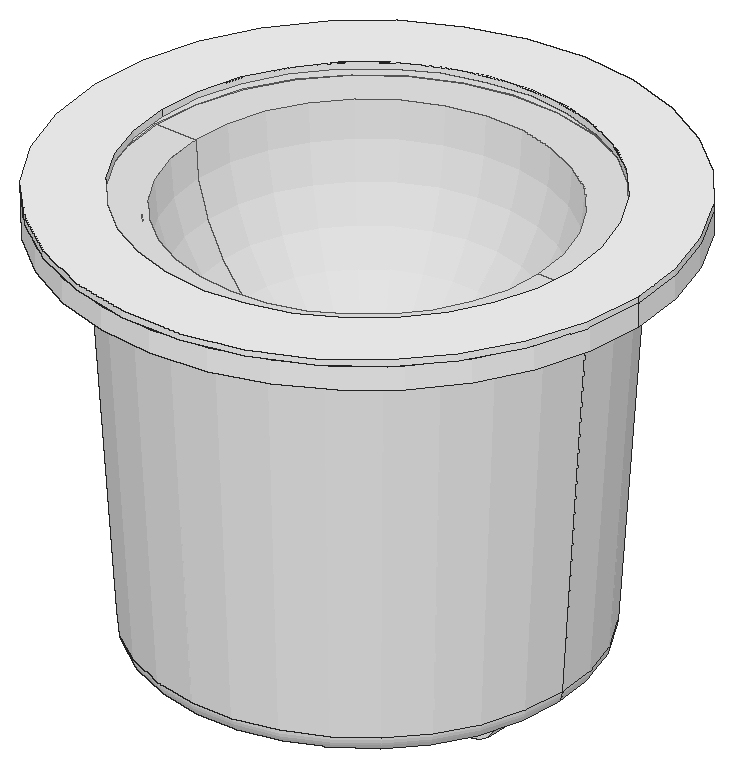
Revit family "2059248", category Lighting Fixtures, host Face, Revit 2018
Family settings
  Host = Face
  Round Connector Dimension = Use Diameter
  Part Type = Normal
  OmniClass Number = 23.80.70.11.17
  OmniClass Title = Specialized Lighting by Location or Use
  Cut with Voids When Loaded = No
  Light Source = Yes
  Shared = No
  Room Calculation Point = No
Parameters (values of type "2059248 MYRIAD DECO IP65 SP 4K DALI EM SI WBEZ")
  Weight = "n/a"
  Wattage = 15 W
  WarrantyStartDate [instance] = "n/a"
  WarrantyGuarantorParts = "n/a"
  WarrantyDurationUnit = "n/a"
  WarrantyDurationParts = ""
  WarrantyDescription = "http://www.sylvania-lighting.com"
  built-in parameter 1150110 = 1 (stored number, unit not read)
  Voltage = 230 V
  URL = "0"
  TypeName = "MYRIAD DECO IP65 SPOT 4000K DALI EM SILVER WBEZ"
  Type Image = 0
  Type Comments = ""
  built-in parameter 1114217 = 1 (stored number, unit not read)
  Tilt Angle = -90°
  built-in parameter 1150109 = 1 (stored number, unit not read)
  built-in parameter 1150134 = (empty or 0)
  built-in parameter 1150113 = 1 (stored number, unit not read)
  SerialNumber [instance] = "n/a"
  Reflector Radius = Cutout Diameter / 2 - 2.5 mm  # 35.0 mm
  Reflector Material = Aluminum_Sylvania_Myriad_Bright
  Recessed Depth = Height  # 72.0 mm
  PowerFactor = 0
  PowerConsumption = "Lighting"
  Photometric Web File = "2059248.ies"
  NominalWidth = 0.0 mm
  NominalLength = 76.0 mm
  NominalHeight = 72.0 mm
  Name = "MYRIAD DECO IP65 SPOT 4000K DALI EM SILVER WBEZ"
  ModelReference = "MYRIAD DECO IP65 SPOT 4000K DALI EM SILVER WBEZ"
  ModelNumber = "2059248"
  Material = "Feilo Sylvania"
  ManufacturerName = "94 lm/W"
  LuminousEfficacy = ""
  LuminaireType = "0"
  LightOutputRatio = "LED"
  LampsType = Lamp  # "n/a"
  LampNominalLuminous = "4000 K"
  LampMacAdamStep = "90"
  LampColourTemperature = "LED"
  LampColourRenderingIndex = "16500"
  Keynote = "n/a"
  Keynote_2 = "16500"
  InstallationDate [instance] = "n/a"
  InputVoltage = "0"
  InputNominalFrequency = "4000"
  IngressProtection = "IfcLightFixtureType"
  ImpactProtectionIndex = "IfcLightFixtureType"
  IfcExportType = "IfcLightFixtureType"
  IfcExportAs = "Class II"
  Height = 72.0 mm  # constant formula
  ExpectedLife = 50000
  Emit from Circle Diameter = Accessory Inner Diameter 2  # 68.0 mm
  Emit Shape Visible in Rendering = no
  ElectricShockClassification = "94"
  DurationUnit = "hours"
  DocumentationLiterature = "http://www.sylvania-lighting.com/product/en-int/products/2059248"
  DimmingControlOptions = "n/a"
  Diffuser Material = Glass_Sylvania_Myriad_Clear_4000K
  Diffuser Diameter = Cutout Diameter  # 75.0 mm
  Cutout Diameter = 75.0 mm  # constant formula
  CreatedOn = "03/02/2022"
  CreatedBy = "@sylvania-lighting.com"
  Cost = 0
  built-in parameter 1114216 [instance] = 1 (stored number, unit not read)
  Model = "MYRIAD DECO IP65 SPOT 4000K DALI EM SILVER WBEZ"
  Manufacturer = "Feilo Sylvania"  # constant formula
  built-in parameter 1150105 = 83.556 (stored number, unit not read)
  Lumens = 1050 lm
  built-in parameter 1150115 = 1 (stored number, unit not read)
  built-in parameter 1150137 = (empty or 0)
  built-in parameter 1150139 = (empty or 0)
  built-in parameter 1150112 = 1 (stored number, unit not read)
  built-in parameter 1150114 = 1 (stored number, unit not read)
  Lamp = "n/a"
  built-in parameter 1150132 = (empty or 0)
  built-in parameter 1150102 = (empty or 0)
  built-in parameter 1150107 = 2700 (stored number, unit not read)
  built-in parameter 1150138 = (empty or 0)
  built-in parameter 1150106 = 0.83556 (stored number, unit not read)
  built-in parameter 1150104 = 6.5032 (stored number, unit not read)
  Dimming Lamp Color Temperature Shift = <None>
  Description = "Supplied complete with electronic control gear Compact Fluorescent low energy downlight Emergency version passes through the cut out Ideal for low level orientation lighting New range of Architectural accessories each providing a different lit dimension New completely flush plaster up accessory ring for clean ceiling lines and smooth finish Order lamp separately"  # constant formula
  Default Elevation = 0.0 mm
  Color Filter = 16777215
  built-in parameter 1140040 [instance] = 1
  Body Radius = Reflector Radius + 1.5 mm  # 36.5 mm
  Body Material = Aluminum_Sylvania_Myriad_Gray
  BarCode [instance] = "n/a"
  built-in parameter 1114218 = 1 (stored number, unit not read)
  built-in parameter 1150133 = 10 (stored number, unit not read)
  AssetType = "Fixed"
  AssetIdentifier [instance] = "n/a"
  Assembly Code = "D5020200"
  Apparent Load = 12 VA
  Accessory Material = Aluminum_Sylvania_Myriad_White
  Accessory Inner Diameter 2 = Accessory Diameter - 22.0 mm  # 68.0 mm
  Accessory Inner Diameter 1 = Accessory Diameter - 2.0 mm  # 88.0 mm
  Accessory Diameter = Cutout Diameter + 15.0 mm  # 90.0 mm
Reference planes
  plane 1 "Center (Front/Back)": y = 0
  plane 2: z = 0
  plane 3 "Center (Left/Right)": x = 0
  plane 4: z = 2
  plane 5 "Fixture Bottom": z = 4.5
  plane 6: z = -28.5
  plane 7: z = -61.5
  plane 8 "Fixture Top": z = -67.5
  plane 9: z = 3.5
Forms (mm)
  Revolve 1, solid, material "Aluminum_Sylvania_Myriad_Bright" <- "Reflector Material", detail levels fine
    sketch origin (0, 0, 0) x (1, 0, 0) y (0, 0, 1)
      loop
        line (0, -27.515) -> (-6, -27.515)
        arc (-6, -27.515) -> (-22.333, -16.632) -> (-28.5, 2) r 30.135
        line (-28.5, 2) -> (-35, 2) -> (-35, 0) -> (-29.184, 0)
        arc (-29.184, 0) -> (-22.423, -18.18) -> (-6, -28.5) r 30.204
        line (-6, -28.5) -> (0, -28.5) -> (0, -27.515)
      axis (0, -28.5) -> (0, 2)
    angle from 0 to 360
  Revolve 2, solid, material "Aluminum_Sylvania_Myriad_Gray" <- "Body Material", detail levels fine
    sketch origin (0, 0, 0) x (1, 0, 0) y (0, 0, 1)
      loop
        line (-44, 2) -> (-44, 0) -> (-36.5, 0) -> (-32.42, -58.708)
        arc (-32.42, -58.708) -> (-31.474, -60.694) -> (-29.428, -61.5) r 3
        line (-29.428, -61.5) -> (0, -61.5) -> (0, -28.5) -> (-6, -28.5)
        arc (-6, -28.5) -> (-22.423, -18.18) -> (-29.184, 0) r 30.204
        line (-29.184, 0) -> (-35, 0) -> (-35, 2) -> (-44, 2)
      axis (0, 2) -> (0, -61.5)
    angle from 0 to 360
  Extrusion 3, solid, material "Aluminum_Sylvania_Myriad_Gray" <- "Body Material", detail levels fine
    sketch origin (0, 0, 0) x (1, 0, 0) y (0, 0, 1)
      loop
        line (-13.5, -67.5) -> (21, -67.5)
        arc (21, -67.5) -> (23.828, -66.328) -> (25, -63.5) r 4
        line (25, -63.5) -> (25, -61.5) -> (-17.5, -61.5) -> (-17.5, -63.5)
        arc (-17.5, -63.5) -> (-16.328, -66.328) -> (-13.5, -67.5) r 4
    from -4.5 to 4.5
  Extrusion 4, solid, material "Aluminum_Sylvania_Myriad_White" <- "Accessory Material", detail levels fine
    sketch origin (0, 0, 0) x (1, 0, 0) y (0, 1, 0)
      loop
        circle (0, 0) r 45
      loop
        circle (0, 0) r 44
    from 0 to 3.5
  Extrusion 5, solid, material "Aluminum_Sylvania_Myriad_White" <- "Accessory Material", detail levels fine
    sketch origin (0, 0, 0) x (1, 0, 0) y (0, 1, 0)
      loop
        circle (0, 0) r 45
      loop
        circle (0, 0) r 34
    from 3.5 to 4.5
  Extrusion 6, solid, material "Aluminum_Sylvania_Myriad_White" <- "Accessory Material", detail levels coarse+medium
    sketch origin (0, 0, 0) x (1, 0, 0) y (0, 1, 0)
      loop
        circle (0, 0) r 45
    from 0 to 4.5
  Revolve 7, solid, detail levels coarse+medium
    sketch origin (0, 0, 0) x (1, 0, 0) y (0, 0, 1)
      loop
        line (36.5, 0) -> (0, 0) -> (0, -61.5) -> (32.226, -61.5) -> (36.5, 0)
      axis (0, 0) -> (0, -61.5)
    angle from 0 to 360
  Extrusion 8, void
    sketch origin (0, 0, 0) x (1, 0, 0) y (0, 1, 0)
      loop
        circle (0, 0) r 37.5
    from -67.5 to 0
  Extrusion 9, solid, material "Glass_Sylvania_Myriad_Clear_4000K" <- "Diffuser Material", detail levels fine
    sketch origin (0, 0, 0) x (1, 0, 0) y (0, 1, 0)
      loop
        circle (0, 0) r 37.5
    from 2 to 3.5
Cuts and joins
  joined: Extrusion 4, Extrusion 5
Lines and regions (mm)
  Masking region 1
    outline origin (0, 0, 0) x (1, 0, 0) y (0, 1, 0)
      loop
        circle (0, 0) r 45
  symbolic lines
    curve 1: arc (-34, 0, 0) -> (0, 34, 0) -> (34, 0, 0) r 34
    curve 2: arc (34, 0, 0) -> (0, -34, 0) -> (-34, 0, 0) r 34
Dimensions and locks
  locked: plane 7 to plane 8 "Fixture Top" at 6
  "Body Radius": Revolve 7 sketch curve to plane 3 "Center (Left/Right)"
  locked: Revolve 7 sketch curve to Revolve 7 sketch curve at 4.274
  plane 5 "Fixture Bottom" to plane 9 to plane 4 to plane 2 to plane 6 = 1.0 mm locked, 1.5 mm locked, 2.0 mm locked, 28.5 mm locked
  "Reflector Radius": Revolve 1 sketch curve to plane 3 "Center (Left/Right)"
  Revolve 1 sketch curve to Revolve 1 sketch curve to Revolve 1 sketch curve to Revolve 1 sketch curve = 6.5 mm locked, 22.5 mm locked, 0.0 mm locked
  "Reflector Radius": plane 3 "Center (Left/Right)" to Revolve 2 sketch curve
  Revolve 2 sketch curve to Revolve 2 sketch curve to Revolve 2 sketch curve = 7.5 mm locked, 1.5 mm locked
  Revolve 2 sketch curve to Revolve 2 sketch curve to Revolve 2 sketch curve = 5.816 mm locked, 23.184 mm locked
  Revolve 2 sketch curve to Revolve 2 sketch curve to Revolve 2 sketch curve = 2.58 mm locked, 2.993 mm locked
  "Accessory Diameter": diameter of Extrusion 4 sketch curve
  "Accessory Inner Diameter 1": diameter of Extrusion 4 sketch curve
  "Accessory Diameter": diameter of Extrusion 5 sketch curve
  "Accessory Diameter": diameter of Extrusion 6 sketch curve
  "Cutout Diameter": diameter of Extrusion 8 sketch curve
  "Accessory Inner Diameter 2": diameter of Extrusion 5 sketch curve
  "Diffuser Diameter": diameter of Extrusion 9 sketch curve
  aligned and locked: plane 2 to host face
  aligned and locked: level to host face
  aligned and locked: plane 1 "Center (Front/Back)" to imposter light
  aligned and locked: plane 3 "Center (Left/Right)" to imposter light
  aligned and locked: Revolve 1 sketch curve to imposter light
  aligned and locked: Extrusion 3 sketch curve to plane 8 "Fixture Top"
  aligned and locked: plane 7 to Extrusion 3 sketch curve
  aligned and locked: Extrusion 4 to plane 2
  aligned and locked: plane 9 to Extrusion 4
  aligned and locked: Extrusion 5 to plane 9
  aligned and locked: plane 5 "Fixture Bottom" to Extrusion 5
  aligned and locked: Extrusion 6 to plane 2
  aligned and locked: plane 5 "Fixture Bottom" to Extrusion 6
  aligned and locked: Extrusion 8 to plane 8 "Fixture Top"
  aligned and locked: plane 2 to Extrusion 8
  aligned and locked: Masking region 1 sketch curve to Extrusion 6  (x2)
  aligned and locked: Extrusion 9 to plane 4
  aligned and locked: plane 9 to Extrusion 9
  aligned and locked: plane 4 to Revolve 2 sketch curve
  aligned and locked: Revolve 2 sketch curve to plane 2
  aligned and locked: curve 1 to cut or joined group of Extrusion 4, Extrusion 5
  aligned and locked: curve 2 to cut or joined group of Extrusion 4, Extrusion 5
  aligned and locked: imposter light to plane 5 "Fixture Bottom"
Automatic sketch dimensions
  host sketch curve to host sketch curve = 1305.563 mm
  host sketch curve to host sketch curve = 1283.632 mm
  Extrusion 3 sketch curve to plane 7 = 2.0 mm
  Extrusion 3 sketch curve to plane 3 "Center (Left/Right)" = 13.5 mm
  plane 3 "Center (Left/Right)" to Extrusion 3 sketch curve = 21.0 mm
  Extrusion 3 sketch curve to Extrusion 3 sketch curve = 4.0 mm
  Revolve 1 sketch curve to level = 0.0 mm
  Revolve 1 sketch curve to plane 3 "Center (Left/Right)" = 0.0 mm
  Revolve 1 sketch curve to plane 6 = 0.0 mm
  Revolve 1 sketch curve to plane 4 = 0.0 mm
  Revolve 1 sketch curve to Revolve 1 sketch curve = 0.684 mm
  level to Revolve 1 sketch curve = 0.88 mm
  Revolve 1 sketch curve to plane 4 = 0.363 mm
  Revolve 1 sketch curve to Revolve 1 sketch curve = 0.625 mm
  Revolve 1 sketch curve to plane 8 "Fixture Top" = 232.8 mm
  plane 5 "Fixture Bottom" to Revolve 1 sketch curve = 291.243 mm
  Revolve 2 sketch curve to plane 3 "Center (Left/Right)" = 0.0 mm  (x2)
  Revolve 2 sketch curve to plane 7 = 0.0 mm
  Revolve 2 sketch curve to plane 6 = 0.0 mm
  Revolve 2 sketch curve to level = 0.0 mm
  level to Revolve 2 sketch curve = 0.88 mm
  plane 7 to Revolve 2 sketch curve = 2.792 mm
  Revolve 2 sketch curve to plane 8 "Fixture Top" = 304.774 mm
  plane 5 "Fixture Bottom" to Revolve 2 sketch curve = 1137.105 mm
  Extrusion 4 sketch curve to Extrusion 4 sketch curve = 0.0 mm  (x2)
  plane 1 "Center (Front/Back)" to Extrusion 4 sketch curve = 0.0 mm
  Extrusion 4 sketch curve to plane 3 "Center (Left/Right)" = 0.0 mm
  Extrusion 5 sketch curve to Extrusion 5 sketch curve = 0.0 mm  (x2)
  plane 1 "Center (Front/Back)" to Extrusion 5 sketch curve = 0.0 mm
  Extrusion 5 sketch curve to plane 3 "Center (Left/Right)" = 0.0 mm
  plane 1 "Center (Front/Back)" to Extrusion 6 sketch curve = 0.0 mm
  Extrusion 6 sketch curve to plane 3 "Center (Left/Right)" = 0.0 mm
  Revolve 7 sketch curve to level = 0.0 mm
  Revolve 7 sketch curve to plane 3 "Center (Left/Right)" = 0.0 mm  (x2)
  Revolve 7 sketch curve to plane 7 = 0.0 mm
  Revolve 7 sketch curve to plane 8 "Fixture Top" = 304.774 mm
  plane 5 "Fixture Bottom" to Revolve 7 sketch curve = 43.226 mm
  plane 1 "Center (Front/Back)" to Extrusion 8 sketch curve = 0.0 mm
  Extrusion 8 sketch curve to plane 3 "Center (Left/Right)" = 0.0 mm
  plane 1 "Center (Front/Back)" to Extrusion 9 sketch curve = 0.0 mm
  Extrusion 9 sketch curve to plane 3 "Center (Left/Right)" = 0.0 mm
Connectors
  electrical at (-0.006, -0.019, -67.5), driven by "Apparent Load", driven by "Apparent Load"
    settings: on plane 8 "Fixture Top", index 1, voltage 230 V, apparent load 12 VA, apparent load phase1 12 VA, apparent load phase2 0 VA, apparent load phase3 0 VA, power factor 1, load classification "Lighting", number of poles 1, system type 30, power factor state 1, is connector primary yes, connector utility no, sub classification motor no, connector description ""
